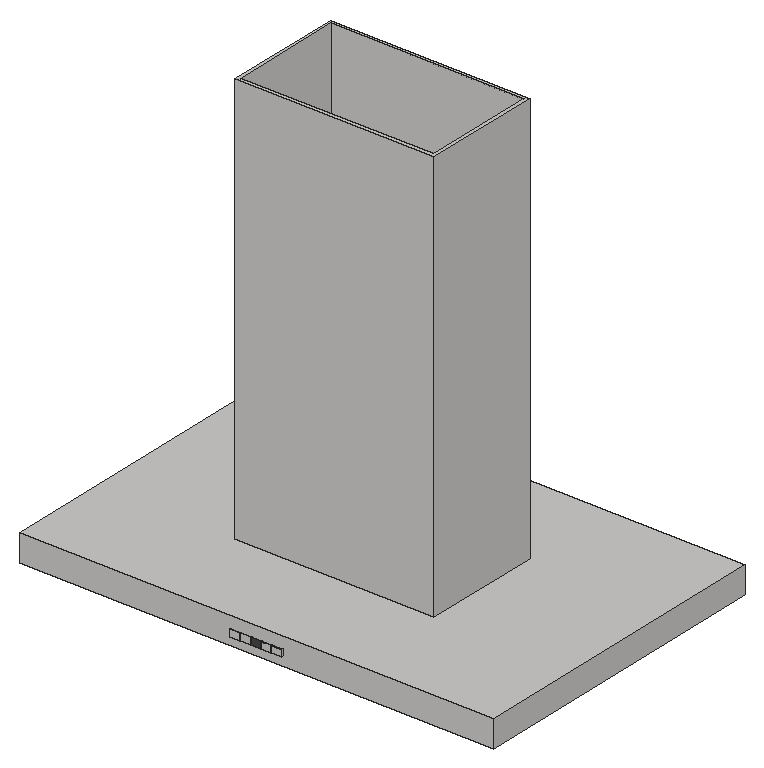
Revit family "Qf_Summit_SEIH4636CV4_36 inches Wide Island Hood", category Specialty Equipment, Revit 2020
Family settings
  Round Connector Dimension = Use Diameter
  Part Type = Normal
  Work Plane-Based = No
  Always vertical = Yes
  Cut with Voids When Loaded = No
  Shared = No
  Room Calculation Point = No
Parameters
  Weight in Pounds = 51
  Ventilation Remarks = ""
  URL Cutsheet = ""
  Specification by User = ""
  Specification by Manufacturer = ""
  Show Casters [instance] = yes
  Serial Number = ""
  Seismic Rating = ""
  SMACNA No = ""
  Revision Code = ""
  NAFEM Spec ID Number = ""
  Model = "SEIH4636CV4"
  Masterspec = ""
  Manufacturer = "Summit"
  MU Air Volume = 0 CFM
  Length = 35 5/8"
  Item Number = ""
  Installed By = ""
  Identify Quantity as Lot = yes
  Height = 33"
  Furnished By = ""
  Foodservice Equipment Identifier = yes
  Exhaust Volume = 200 CFM
  Exhaust Vent Width = 9"
  Exhaust Vent Diameter = 0"
  Exhaust Vent Depth = 15"
  Exhaust Static Press = 0.00 in-wg
  Exhaust RI Height = 0"
  Description = "36\" Wide Island Hood"
  Depth = 23.63"
  Default Elevation = 0"
  CSI MasterFormat = ""
  Base Height [instance] = 3/4"
Reference planes (in)
  plane 1: z = 0
  plane 2 "LEFT": x = 0
  plane 3 "RIGHT": x = 35.625
  plane 4 "FRONT": y = -24.38
  plane 5 "TOP": z = 33
  plane 6 "Center Y": x = 17.8125
  plane 7 "Center X": y = -12.565
  plane 8 "BACK": y = -0.75
  plane 9: y = -13.625
  plane 10: z = 2
  plane 11: x = 10.3125
  plane 12: x = 25.3125
Forms (in)
  Extrusion 1, solid, material "QF_Metal_Stainless_Polished"
    sketch origin (0, 0, 0) x (1, 0, 0) y (0, 1, 0)
      loop
        line (10.5625, -16.8125) -> (25.0625, -16.8125) -> (25.0625, -8.315) -> (10.5625, -8.315) -> (10.5625, -16.8125)
      loop
        line (10.3125, -8.065) -> (10.3125, -17.0625) -> (25.3125, -17.0625) -> (25.3125, -8.065) -> (10.3125, -8.065)
    from 2 to 33
  Extrusion 2, solid, material "QF_Metal_Stainless_Polished"
    sketch origin (0, 0, 0) x (1, 0, 0) y (0, 1, 0)
      loop
        line (0, -0.75) -> (0, -24.38) -> (35.625, -24.38) -> (35.625, -0.75) -> (0, -0.75)
      loop
        line (2, -22.38) -> (16.22385, -22.38) -> (16.22385, -12.64891) -> (2, -12.64891) -> (2, -16.69109) -> (3.55163, -16.69109) -> (3.55163, -18.27919) -> (2, -18.27919) -> (2, -22.38)
      loop
        line (2, -2.75) -> (2, -6.85081) -> (3.55163, -6.85081) -> (3.55163, -8.43891) -> (2, -8.43891) -> (2, -12.48109) -> (16.22385, -12.48109) -> (16.22385, -2.75) -> (2, -2.75)
      loop
        line (33.625, -2.75) -> (19.1824, -2.75) -> (19.1824, -12.48109) -> (33.625, -12.48109) -> (33.625, -8.43891) -> (32.07337, -8.43891) -> (32.07337, -6.85081) -> (33.625, -6.85081) -> (33.625, -2.75)
      loop
        line (33.625, -22.38) -> (33.625, -18.27919) -> (32.07337, -18.27919) -> (32.07337, -16.69109) -> (33.625, -16.69109) -> (33.625, -12.64891) -> (19.1824, -12.64891) -> (19.1824, -22.38) -> (33.625, -22.38)
    from 0 to 2
  Extrusion 3, solid, material "QF_Metal_Stainless_Polished"
    sketch origin (10.21875, -0.75, 60) x (1, 0, 0) y (0, 0, -1)
      loop
        circle (7.59375, 47.91486) r 0.25
    from -7.3125 to -7.0625
  Extrusion 4, solid, material "QF_Metal_Stainless_Polished"
    sketch origin (1.75, -19.5, 18.5) x (1, 0, 0) y (0, 0, 1)
      loop
        line (17.22207, -17.37374) -> (16.47207, -17.37374) -> (16.47207, -17.87374) -> (17.22207, -17.87374) -> (17.22207, -17.37374)
      loop
        line (14.90293, -17.37374) -> (14.90293, -17.87374) -> (15.65293, -17.87374) -> (15.65293, -17.37374) -> (14.90293, -17.37374)
      loop
        line (14.11835, -17.37374) -> (14.11835, -17.87374) -> (14.86835, -17.87374) -> (14.86835, -17.37374) -> (14.11835, -17.37374)
      loop
        line (18.00665, -17.37374) -> (17.25665, -17.37374) -> (17.25665, -17.87374) -> (18.00665, -17.87374) -> (18.00665, -17.37374)
    from 4.88 to 4.95713
  Extrusion 5, solid, material "QF_Metallic_Paint_Black_Glossy"
    sketch origin (1.75, -19.5, 18.69115) x (1, 0, 0) y (0, 0, 1)
      loop
        line (16.4375, -17.56489) -> (15.6875, -17.56489) -> (15.6875, -18.06489) -> (16.4375, -18.06489) -> (16.4375, -17.56489)
    from 4.88 to 4.95713
  Extrusion 6, solid, material "QF_Plastic_White_Smooth"
    sketch origin (0, 0, 0) x (1, 0, 0) y (0, 1, 0)
      loop
        line (2.0625, -2.8125) -> (2.0625, -6.81656) -> (3.59375, -6.81656) -> (3.59375, -8.47281) -> (2.0625, -8.47281) -> (2.0625, -12.4375) -> (16.15625, -12.4375) -> (16.15625, -2.8125) -> (2.0625, -2.8125)
      loop
        line (2.0625, -22.25) -> (16.15625, -22.25) -> (16.15625, -12.6875) -> (2.0625, -12.6875) -> (2.0625, -16.66781) -> (3.59375, -16.66781) -> (3.59375, -18.32406) -> (2.0625, -18.32406) -> (2.0625, -22.25)
      loop
        line (33.5625, -2.8125) -> (19.25, -2.8125) -> (19.25, -12.4375) -> (33.5625, -12.4375) -> (33.5625, -8.47281) -> (32.03125, -8.47281) -> (32.03125, -6.81656) -> (33.5625, -6.81656) -> (33.5625, -2.8125)
      loop
        line (33.5625, -22.25) -> (33.5625, -18.30844) -> (32.03125, -18.30844) -> (32.03125, -16.65219) -> (33.5625, -16.65219) -> (33.5625, -12.6875) -> (19.25, -12.6875) -> (19.25, -22.25) -> (33.5625, -22.25)
    from 0 to 1
  Extrusion 7, void
    sketch origin (0, 0, 0) x (1, 0, 0) y (0, 1, 0)
      loop
        circle (17.6875, -20.35297) r 1.12733
      loop
        circle (17.6875, -4.77203) r 1.12733
    from 0 to 0.19147
  Extrusion 8, solid, material "QF_Metal_Stainless_Polished"
    sketch origin (0, 0, 0) x (1, 0, 0) y (0, 1, 0)
      loop
        line (2, -2.75) -> (2, -22.38) -> (33.625, -22.38) -> (33.625, -2.75) -> (2, -2.75)
    from 1 to 2
Cuts and joins
  Extrusion 7 cuts Extrusion 2
  joined: Extrusion 2, Extrusion 8
Lines and regions (in)
  symbolic lines
    curve 1: line (0, -0.75, 0) -> (0, -24.38, 0)
    curve 2: line (0, -24.38, 0) -> (35.625, -24.38, 0)
    curve 3: line (35.625, -24.38, 0) -> (35.625, -0.75, 0)
    curve 4: line (35.625, -0.75, 0) -> (0, -0.75, 0)
    curve 5: line (25.0625, -8.315, 0) -> (25.0625, -16.8125, 0)
    curve 6: line (25.0625, -16.8125, 0) -> (10.5625, -16.8125, 0)
    curve 7: line (10.5625, -16.8125, 0) -> (10.5625, -8.315, 0)
    curve 8: line (10.5625, -8.315, 0) -> (25.0625, -8.315, 0)
    curve 9: line (10.3125, -8.065, 0) -> (10.3125, -17.0625, 0)
    curve 10: line (10.3125, -17.0625, 0) -> (25.3125, -17.0625, 0)
    curve 11: line (25.3125, -17.0625, 0) -> (25.3125, -8.065, 0)
    curve 12: line (25.3125, -8.065, 0) -> (10.3125, -8.065, 0)
Dimensions and locks (in)
  equal spacing: plane 2 "LEFT", plane 6 "Center Y", plane 3 "RIGHT"
  "Length": plane 2 "LEFT" to plane 3 "RIGHT"
  equal spacing: plane 4 "FRONT", plane 7 "Center X", plane 8 "BACK"
  "Height": plane 5 "TOP" to level
  plane 3 "RIGHT" to plane 2 "LEFT" = 35 5/8"
  plane 5 "TOP" to level = 33"
  "Depth": plane 4 "FRONT" to plane 8 "BACK"
  plane 8 "BACK" to plane 9 = 12 7/8"
  locked: plane 10 to level at 2
  locked: plane 6 "Center Y" to Extrusion 3 sketch curve
  equal spacing: plane 11, plane 6 "Center Y", plane 12, locked at 7.5 each
  plane 11 to plane 12 = 15"
  aligned and locked: level to plane 1
  aligned and locked: plane 5 "TOP" to Extrusion 1
  aligned and locked: Extrusion 2 to plane 10
  aligned and locked: Extrusion 1 to plane 10
  aligned and locked: Extrusion 5 to plane 4 "FRONT"
  aligned and locked: Extrusion 4 to plane 4 "FRONT"
  aligned and locked: Extrusion 4 to Extrusion 5
  aligned and locked: Extrusion 8 to Extrusion 6
  aligned and locked: Extrusion 8 to plane 10
Automatic sketch dimensions
  curve 1 to plane 2 "LEFT" = 0"
  curve 3 to plane 3 "RIGHT" = 0"
  plane 4 "FRONT" to curve 1 = 0"
  plane 8 "BACK" to curve 4 = 0"
  curve 8 to plane 11 = 1/4"
  plane 12 to curve 5 = 1/4"
  curve 7 to plane 9 = 3 3/16"
  plane 7 "Center X" to curve 8 = 4 1/4"
  Extrusion 1 sketch curve to plane 11 = 0"
  Extrusion 1 sketch curve to plane 12 = 0"
  Extrusion 1 sketch curve to plane 11 = 1/4"
  plane 12 to Extrusion 1 sketch curve = 1/4"
  Extrusion 1 sketch curve to plane 9 = 3 7/16"
  Extrusion 1 sketch curve to Extrusion 1 sketch curve = 1/4"  (x2)
  plane 7 "Center X" to Extrusion 1 sketch curve = 4 1/4"
  plane 10 to Extrusion 3 sketch curve = 10.08514"
  level to Extrusion 4 sketch curve = 0.62626"  (x3)
  Extrusion 4 sketch curve to plane 6 "Center Y" = 1.94415"
  Extrusion 4 sketch curve to Extrusion 4 sketch curve = 3/4"  (x3)
  Extrusion 4 sketch curve to Extrusion 4 sketch curve = 0.03457"  (x2)
  Extrusion 4 sketch curve to plane 6 "Center Y" = 0.40957"
  plane 6 "Center Y" to Extrusion 4 sketch curve = 0.40957"
  Extrusion 4 sketch curve to Extrusion 4 sketch curve = 0"  (x2)
  Extrusion 4 sketch curve to Extrusion 4 sketch curve = 1/2"  (x3)
  Extrusion 5 sketch curve to plane 6 "Center Y" = 3/8"
  plane 6 "Center Y" to Extrusion 5 sketch curve = 3/8"
  level to Extrusion 5 sketch curve = 0.62626"
  Extrusion 5 sketch curve to Extrusion 5 sketch curve = 1/2"
  curve 9 to plane 11 = 0"
  curve 11 to plane 12 = 0"
  curve 10 to curve 6 = 1/4"
  curve 5 to curve 11 = 1/4"
  plane 2 "LEFT" to Extrusion 6 sketch curve = 2 1/16"  (x3)
  plane 7 "Center X" to Extrusion 6 sketch curve = 0.1275"  (x2)
  Extrusion 6 sketch curve to Extrusion 6 sketch curve = 0"
  Extrusion 6 sketch curve to Extrusion 6 sketch curve = 1 17/32"  (x3)
  Extrusion 6 sketch curve to plane 6 "Center Y" = 1 21/32"  (x2)
  Extrusion 6 sketch curve to plane 7 "Center X" = 0.1225"  (x2)
  plane 6 "Center Y" to Extrusion 6 sketch curve = 1 7/16"  (x2)
  plane 3 "RIGHT" to Extrusion 6 sketch curve = 3 19/32"  (x2)
  plane 3 "RIGHT" to Extrusion 6 sketch curve = 2 1/16"  (x3)
  Extrusion 6 sketch curve to plane 9 = 3.02719"
  Extrusion 6 sketch curve to plane 9 = 3.04281"
  Extrusion 6 sketch curve to Extrusion 6 sketch curve = 1 21/32"  (x4)
  Extrusion 6 sketch curve to plane 4 "FRONT" = 2.13"  (x2)
  plane 7 "Center X" to Extrusion 6 sketch curve = 4.09219"  (x2)
  plane 8 "BACK" to Extrusion 6 sketch curve = 2 1/16"  (x2)
  Extrusion 7 sketch curve to plane 6 "Center Y" = 1/8"  (x2)
  Extrusion 7 sketch curve to plane 4 "FRONT" = 4.02703"
  plane 8 "BACK" to Extrusion 7 sketch curve = 4.02203"
  Extrusion 2 sketch curve to plane 2 "LEFT" = 0"
  Extrusion 2 sketch curve to plane 3 "RIGHT" = 0"
  plane 4 "FRONT" to Extrusion 2 sketch curve = 0"
  plane 8 "BACK" to Extrusion 2 sketch curve = 0"
  plane 7 "Center X" to Extrusion 2 sketch curve = 0.08391"  (x2)
  plane 2 "LEFT" to Extrusion 2 sketch curve = 2"  (x3)
  Extrusion 2 sketch curve to Extrusion 2 sketch curve = 0"  (x2)
  Extrusion 2 sketch curve to Extrusion 2 sketch curve = 1.55163"  (x6)
  Extrusion 2 sketch curve to plane 7 "Center X" = 0.08391"  (x2)
  Extrusion 2 sketch curve to plane 6 "Center Y" = 1.58865"  (x2)
  plane 3 "RIGHT" to Extrusion 2 sketch curve = 3.55163"  (x2)
  Extrusion 2 sketch curve to plane 4 "FRONT" = 2"  (x2)
  Extrusion 2 sketch curve to Extrusion 2 sketch curve = 4.10081"  (x2)
  Extrusion 2 sketch curve to Extrusion 2 sketch curve = 1.5881"  (x4)
  Extrusion 2 sketch curve to Extrusion 2 sketch curve = 4.04218"
  plane 7 "Center X" to Extrusion 2 sketch curve = 4.12609"
  plane 8 "BACK" to Extrusion 2 sketch curve = 2"  (x2)
  plane 6 "Center Y" to Extrusion 2 sketch curve = 1.3699"
  plane 2 "LEFT" to Extrusion 8 sketch curve = 2"
  plane 3 "RIGHT" to Extrusion 8 sketch curve = 2"
  Extrusion 8 sketch curve to plane 4 "FRONT" = 2"
  plane 8 "BACK" to Extrusion 8 sketch curve = 2"
  radius of Extrusion 3 sketch curve = 1/4"
  radius of Extrusion 7 sketch curve = 1.12733"  (x2)
Connectors (in)
  hvac at (17.8125, -12.56375, 33)
    settings: on Extrusion 1, index 2, duct flow 0 CFM, flow factor 0, pres drop 0.00 in-wg, loss coef 0, conn angle 0.00°, conn width 15", conn height 9", conn diameter 24", duct sys type 3, conn prof type 1, flow config 1, flow direction 2, loss method 0, conn ref index -1, conn util no, is conn primary yes, conn desc "Exhaust"
